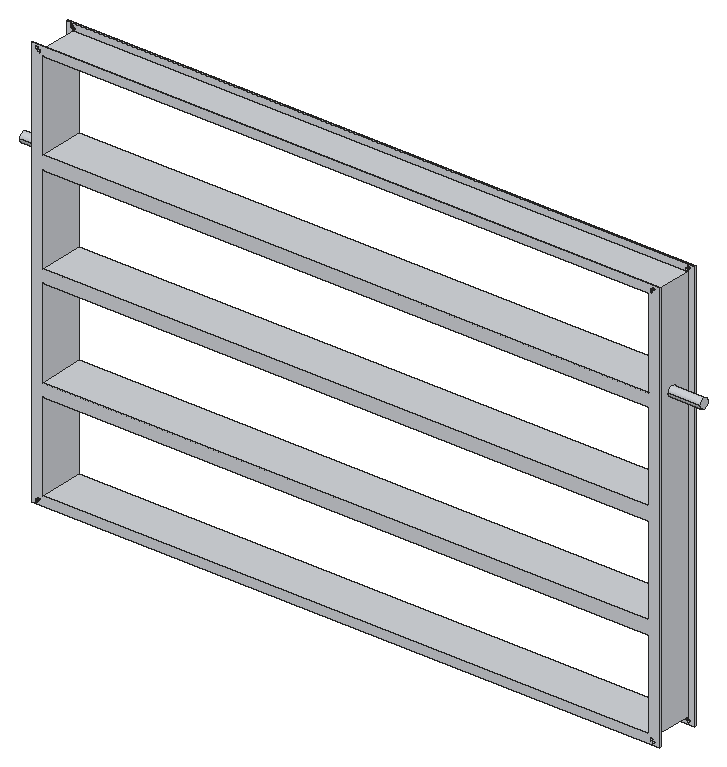
Revit family "21. Утепленная заслонка ANR K1U", category Оборудование, Revit 2016 (continued)
Definition of nested family "УГО заслонка №35 (разрез)"
  Lines and regions (mm)
    model lines, not visible
      curve 13: line (63.964, 0, 318.804) -> (63.964, 0, 302.412)
      curve 14: line (63.964, 0, 302.412) -> (-88.681, 0, 249.852)
      curve 15: line (-88.681, 0, 249.852) -> (-88.681, 0, 218.46)
      curve 16: line (63.964, 0, 165.9) -> (-88.681, 0, 218.46)
      curve 17: line (63.964, 0, 165.9) -> (63.964, 0, 149.508)
      curve 18: line (63.964, 0, 149.508) -> (-88.681, 0, 96.948)
      curve 19: line (-88.681, 0, 96.948) -> (-88.681, 0, 65.557)
      curve 20: line (63.964, 0, 12.997) -> (-88.681, 0, 65.557)
      curve 23: circle (0, 0, 420) r 25 normal (0, -1, 0)
      curve 24: line (31.82, 0, 451.82) -> (-31.82, 0, 388.18)
      curve 25: circle (0, 0, 789.245) r 25 normal (0, 1, 0)
      curve 26: circle (0, 0, 536.745) r 25 normal (0, 1, 0)
      curve 27: circle (0, 0, 658.49) r 25 normal (0, 1, 0)
      curve 28: line (31.82, 0, 568.565) -> (-31.82, 0, 504.925)
      curve 29: line (31.82, 0, 690.31) -> (-31.82, 0, 626.671)
      curve 30: line (31.82, 0, 821.065) -> (-31.82, 0, 757.425)
      curve 31: circle (0, 0, 298.255) r 25 normal (0, 1, 0)
      curve 32: line (31.82, 0, 330.075) -> (-31.82, 0, 266.435)
      curve 33: circle (0, 0, 176.51) r 25 normal (0, 1, 0)
      curve 34: line (31.82, 0, 208.329) -> (-31.82, 0, 144.69)
      curve 35: circle (0, 0, 54.764) r 25 normal (0, 1, 0)
      curve 36: line (31.82, 0, 86.584) -> (-31.82, 0, 22.945)
      curve 41: line (-62.5, 0, 0) -> (62.5, 0, 0)
      curve 42: circle (0, 0, 520) r 25 normal (0, -1, 0)
      curve 43: line (31.82, 0, 551.82) -> (-31.82, 0, 488.18)
      curve 44: circle (0, 0, 680) r 25 normal (0, -1, 0)
      curve 45: line (31.82, 0, 711.82) -> (-31.82, 0, 648.18)
      curve 46: circle (0, 0, 840) r 25 normal (0, -1, 0)
      curve 47: line (31.82, 0, 871.82) -> (-31.82, 0, 808.18)
      curve 48: circle (0, 0, 1000) r 25 normal (0, -1, 0)
      curve 49: circle (0, 0, 360) r 25 normal (0, 1, 0)
      curve 50: circle (0, 0, 200) r 25 normal (0, 1, 0)
      curve 51: circle (0, 0, 40) r 25 normal (0, 1, 0)
      curve 52: line (31.82, 0, 391.82) -> (-31.82, 0, 328.18)
      curve 53: line (31.82, 0, 231.82) -> (-31.82, 0, 168.18)
      curve 54: line (31.82, 0, 71.82) -> (-31.82, 0, 8.18)
      curve 65: circle (0, 0, 700) r 25 normal (0, -1, 0)
      curve 66: line (31.82, 0, 731.82) -> (-31.82, 0, 668.18)
      curve 67: circle (0, 0, 860) r 25 normal (0, -1, 0)
      curve 68: line (31.82, 0, 891.82) -> (-31.82, 0, 828.18)
      curve 69: circle (0, 0, 1185) r 25 normal (0, -1, 0)
      curve 70: line (31.82, 0, 1216.82) -> (-31.82, 0, 1153.18)
      curve 71: circle (0, 0, 1345) r 25 normal (0, -1, 0)
      curve 72: line (31.82, 0, 1376.82) -> (-31.82, 0, 1313.18)
      curve 73: circle (0, 0, 1020) r 25 normal (0, -1, 0)
      curve 74: line (31.82, 0, 1051.82) -> (-31.82, 0, 988.18)
      curve 75: circle (0, 0, 540) r 25 normal (0, 1, 0)
      curve 76: circle (0, 0, 215) r 25 normal (0, 1, 0)
      curve 77: circle (0, 0, 55) r 25 normal (0, 1, 0)
      curve 78: circle (0, 0, 380) r 25 normal (0, 1, 0)
      curve 79: line (31.82, 0, 571.82) -> (-31.82, 0, 508.18)
      curve 80: line (31.82, 0, 411.82) -> (-31.82, 0, 348.18)
      curve 81: line (31.82, 0, 246.82) -> (-31.82, 0, 183.18)
      curve 82: line (31.82, 0, 86.82) -> (-31.82, 0, 23.18)
      curve 89: circle (0, 0, 950) r 25 normal (0, -1, 0)
      curve 90: line (31.82, 0, 981.82) -> (-31.82, 0, 918.18)
      curve 91: circle (0, 0, 1110) r 25 normal (0, -1, 0)
      curve 92: line (31.82, 0, 1141.82) -> (-31.82, 0, 1078.18)
      curve 93: circle (0, 0, 1435) r 25 normal (0, -1, 0)
      curve 94: line (31.82, 0, 1466.82) -> (-31.82, 0, 1403.18)
      curve 95: circle (0, 0, 1270) r 25 normal (0, -1, 0)
      curve 96: line (31.82, 0, 1301.82) -> (-31.82, 0, 1238.18)
      curve 97: circle (0, 0, 620) r 25 normal (0, 1, 0)
      curve 98: circle (0, 0, 295) r 25 normal (0, 1, 0)
      curve 99: circle (0, 0, 135) r 25 normal (0, 1, 0)
      curve 100: circle (0, 0, 460) r 25 normal (0, 1, 0)
      curve 101: line (31.82, 0, 651.82) -> (-31.82, 0, 588.18)
      curve 102: line (31.82, 0, 491.82) -> (-31.82, 0, 428.18)
      curve 103: line (31.82, 0, 326.82) -> (-31.82, 0, 263.18)
      curve 104: line (31.82, 0, 166.82) -> (-31.82, 0, 103.18)
      curve 105: circle (0, 0, 780) r 25 normal (0, 1, 0)
      curve 106: line (31.82, 0, 811.82) -> (-31.82, 0, 748.18)
      curve 107: circle (0, 0, 1600) r 25 normal (0, -1, 0)
      curve 108: line (31.82, 0, 1631.82) -> (-31.82, 0, 1568.18)
      curve 109: circle (0, 0, 1765) r 25 normal (0, -1, 0)
      curve 110: line (31.82, 0, 1796.82) -> (-31.82, 0, 1733.18)
  Dimensions and locks
    equal spacing: plane 5, plane 3 "По центру (Влево/Вправо)", plane 6
    "длина": plane 5 to plane 6
    "высота": plane 4 to level
    equal spacing: plane 4, plane 7, plane 2
    aligned and locked: level to plane 2
  Automatic sketch dimensions
    curve 3 to plane 4 = 0 mm
    curve 3 to plane 6 = 0 mm
    curve 4 to level = 0 mm
    curve 4 to plane 5 = 0 mm
Types (16, lengths in mm): name | №8 | №7 | №6 | №35 | №30 | №25 | №20 | №12 | р | пл | Ширина лопатки | Ширина | Середина | Мощность, кВт | Высота | В3 | В2 | Б2 | В1 | А3 | А2 | А1 | А | размер В | Тип, марка, обозначение | Напряжение U,В | d
  ANR 6P1 | no | no | yes | no | no | no | no | no | 129 | 50 | 112.5 | 1550 | 282 | 2 W | 4015 | 542 | 526 | 440 | 564 | 1042 | 1026 | 1084 | 1000 | 500 | "ANR 6P1" | "1-220/3-380" | 15.4
  ANR 7P1 | no | yes | no | no | no | no | no | no | 180.6 | 70 | 157.5 | 1025 | 382 | 2.5 W | 1245 | 742 | 726 | 640 | 764 | 1042 | 1026 | 1084 | 1000 | 700 | "ANR 7P1" | "1-220/3-380" | 15.4
  ANR 8P1 | yes | no | no | no | no | no | no | no | 180.6 | 70 | 157.5 | 1550 | 382 | 3 W | 1245 | 742 | 726 | 640 | 764 | 1242 | 1226 | 1284 | 1200 | 700 | "ANR 8P1" | "1-220/3-380" | 18.48
  ANR 12P1 | no | no | no | no | no | no | no | yes | 206.4 | 80 | 180 | 1550 | 432 | 4 W | 1360 | 842 | 826 | 740 | 864 | 1372 | 1356 | 1414 | 1330 | 800 | "ANR 12P1" | "1-220/3-380" | 20.482
  ANR 20P1 | no | no | no | no | no | no | yes | no | 258 | 100 | 225 | 1550 | 532 | 6.2 W | 1585 | 1042 | 1026 | 940 | 1064 | 1592 | 1576 | 1634 | 1550 | 1000 | "ANR 20P1" | "3-380" | 23.87
  ANR 25P1 | no | no | no | no | no | yes | no | no | 361.2 | 140 | 315 | 1550 | 732 | 9.4 W | 1970 | 1442 | 1426 | 1340 | 1464 | 1902 | 1886 | 1944 | 1860 | 1400 | "ANR 25P1" | "1-220/3-380" | 28.644
  ANR 30P1 | no | no | no | no | yes | no | no | no | 361.2 | 140 | 315 | 2075 | 732 | 11.6 W | 1970 | 1442 | 1426 | 1340 | 1464 | 2342 | 2326 | 2384 | 2300 | 1400 | "ANR 30P1" | "3-380" | 35.42
  ANR 35P1 | no | no | no | yes | no | no | no | no | 490.2 | 190 | 427.5 | 2075 | 982 | 16.24 W | 2410 | 1942 | 1926 | 1840 | 1964 | 2342 | 2326 | 2384 | 2300 | 1900 | "ANR 35P1" | "3-380" | 35.42
  ANR 6P2 | no | no | yes | no | no | no | no | no | 129 | 50 | 112.5 | 1550 | 282 | 2 W | 4015 | 542 | 526 | 440 | 564 | 1042 | 1026 | 1084 | 1000 | 500 | "ANR 6P2" | "1-220/3-380" | 15.4
  ANR 7P2 | no | yes | no | no | no | no | no | no | 129 | 50 | 112.5 | 1025 | 282 | 2 W | 1245 | 542 | 526 | 440 | 564 | 1042 | 1026 | 1084 | 1000 | 500 | "ANR 7P2" | "1-220/3-380" | 15.4
  ANR 8P2 | yes | no | no | no | no | no | no | no | 129 | 50 | 112.5 | 1550 | 282 | 2.4 W | 1245 | 542 | 526 | 440 | 564 | 1242 | 1226 | 1284 | 1200 | 500 | "ANR 8P2" | "1-220/3-380" | 18.48
  ANR 12P2 | no | no | no | no | no | no | no | yes | 25.8 | 10 | 22.5 | 1550 | 82 | 5.4 W | 1360 | 142 | 126 | 40 | 164 | 1372 | 1356 | 1414 | 1330 | 100 | "ANR 12P1" | "1-220/3-380" | 20.482
  ANR 20P2 | no | no | no | no | no | no | yes | no | 258 | 100 | 225 | 1550 | 532 | 6.2 W | 1585 | 1042 | 1026 | 940 | 1064 | 1592 | 1576 | 1634 | 1550 | 1000 | "ANR 20P2" | "3-380" | 23.87
  ANR 25P2 | no | no | no | no | no | yes | no | no | 258 | 100 | 225 | 1550 | 532 | 7.52 W | 1970 | 1042 | 1026 | 940 | 1064 | 1902 | 1886 | 1944 | 1860 | 1000 | "ANR 25P2" | "1-220/3-380" | 28.644
  ANR 30P2 | no | no | no | no | yes | no | no | no | 258 | 100 | 225 | 2075 | 532 | 9.28 W | 1970 | 1042 | 1026 | 940 | 1064 | 2342 | 2326 | 2384 | 2300 | 1000 | "ANR 30P2" | "3-380" | 35.42
  ANR 35P2 | no | no | no | yes | no | no | no | no | 387 | 150 | 337.5 | 2075 | 782 | 12.8 W | 2410 | 1542 | 1526 | 1440 | 1564 | 2342 | 2326 | 2384 | 2300 | 1500 | "ANR 35P2" | "3-380" | 35.42
